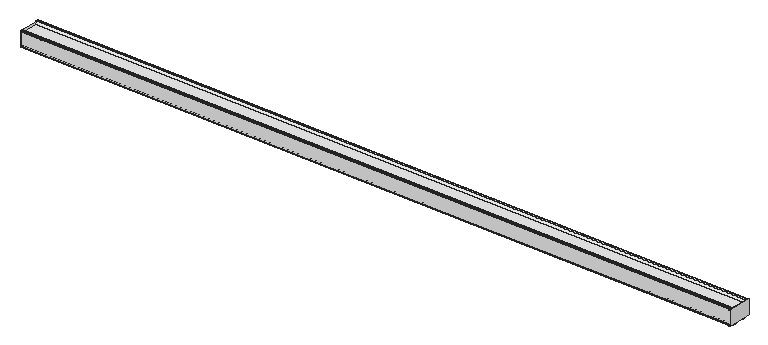
Revit family "LCOM", category Lighting Fixtures, host Face, Revit 2019
Family settings
  Host = Face
  Round Connector Dimension = Use Diameter
  Part Type = Normal
  OmniClass Number = 23.80.70.11.14.11
  OmniClass Title = Downlights
  Cut with Voids When Loaded = No
  Light Source = Yes
  Shared = No
  Room Calculation Point = No
Parameters (values of type "LCOM96-LED840K140LUNV")
  Width = 0' - 2 13/16"
  Wattage = 104 W
  built-in parameter 1150110 = 1 (stored number, unit not read)
  Voltage = 120 V
  URL = "https://www.viscor.com/en/products/lcom"
  built-in parameter 1114217 = 0.9 (stored number, unit not read)
  Tilt Angle = -90.00°
  built-in parameter 1150109 = 1 (stored number, unit not read)
  built-in parameter 1150134 = 12
  built-in parameter 1150113 = 1 (stored number, unit not read)
  Photometric Web File = "LCOM96-LED840K088LUNV.ies"
  Model = "LCOM"  # constant formula
  Manufacturer = "Visioneering By Viscor"  # constant formula
  built-in parameter 1150105 = 1133.8 (stored number, unit not read)
  Lumens = 14248 lm
  built-in parameter 1150115 = 1 (stored number, unit not read)
  built-in parameter 1150137 = (empty or 0)
  built-in parameter 1150139 = (empty or 0)
  Length = 7' - 6 1/4"
  Lamp Wattage = 104 VA
  built-in parameter 1150112 = 1 (stored number, unit not read)
  built-in parameter 1150114 = 1 (stored number, unit not read)
  Lamp = "LED"
  built-in parameter 1150132 = (empty or 0)
  built-in parameter 1150102 = (empty or 0)
  built-in parameter 1150107 = 4000 (stored number, unit not read)
  built-in parameter 1150138 = (empty or 0)
  built-in parameter 1150106 = 11.338 (stored number, unit not read)
  Housing Finish = Metal - Viscor - White
  Emit from Line Length = Length  # 7' - 6 1/4"
  built-in parameter 1150104 = 12.728 (stored number, unit not read)
  Dimming Lamp Color Temperature Shift = <None>
  Description = "Commercial-grade, LED strip luminaire"  # constant formula
  Default Elevation = 4' - 0"
  Color Filter = 16777215
  built-in parameter 1114218 = 1 (stored number, unit not read)
  built-in parameter 1150133 = 10 (stored number, unit not read)
  Assembly Code = ""
  Apparent Load = Lamp Wattage  # 104 VA
Types (8): name | Wattage | Photometric Web File | built-in parameter 1150105 | Lumens | Length | Lamp Wattage | built-in parameter 1150106 | Housing Finish | Emit from Line Length | built-in parameter 1150104 | Assembly Code | Apparent Load
  (no name) | 104 W | "LCOM96-LED840K088LUNV.ies" | 1133.8 (stored number, unit not read) | 14248 lm | 7' - 6 1/4" | 104 VA | 11.338 (stored number, unit not read) | Metal - Viscor - White | 7' - 6 1/4" | 12.728 (stored number, unit not read) | "" | 104 VA
  LCOM48-LED840K030LUNV | 21 W | "LCOM48-LED840K030LUNV-G001211.IES" | 247.33 (stored number, unit not read) | 3108 lm | 3' - 9 3/16" | 21 VA | 2.4733 (stored number, unit not read) | none | 3' - 9 3/16" | 13.75 (stored number, unit not read) | "" | 21 VA
  LCOM24-LED840K022LUNV | 17 W | "LCOM24-LED840K022LUNV-G001265.IES" | 182.63 (stored number, unit not read) | 2295 lm | 1' - 11 1/8" | 17 VA | 1.8263 (stored number, unit not read) | none | 1' - 11 1/8" | 12.542 (stored number, unit not read) | "D5020200" | 17 VA
  LCOM96-LED840K088LUNV | 75 W | "LCOM96-LED840K088LUNV.ies" | 710.23 (stored number, unit not read) | 8925 lm | 7' - 6 1/4" | 75 VA | 7.1023 (stored number, unit not read) | none | 7' - 6 1/4" | 11.055 (stored number, unit not read) | "" | 75 VA
  LCOM24-LED840K035LUNV | 26 W | "LCOM24-LED840K035LUNV-G001268.IES" | 285.52 (stored number, unit not read) | 3588 lm | 1' - 11 1/8" | 26 VA | 2.8552 (stored number, unit not read) | none | 1' - 11 1/8" | 12.821 (stored number, unit not read) | "" | 26 VA
  LCOM48-LED840K044LUNV | 34 W | "LCOM48-LED840K030LUNV-G001211.IES" | 354.44 (stored number, unit not read) | 4454 lm | 3' - 9 3/16" | 34 VA | 3.5444 (stored number, unit not read) | none | 3' - 9 3/16" | 12.17 (stored number, unit not read) | "" | 34 VA
  LCOM48-LED840K070LUNV | 52 W | "LCOM96-LED840K088LUNV.ies" | 566.91 (stored number, unit not read) | 7124 lm | 7' - 6 1/4" | 52 VA | 5.6691 (stored number, unit not read) | none | 7' - 6 1/4" | 12.728 (stored number, unit not read) | "" | 52 VA
  LCOM96-LED840K140LUNV | 104 W | "LCOM96-LED840K088LUNV.ies" | 1133.8 (stored number, unit not read) | 14248 lm | 7' - 6 1/4" | 104 VA | 11.338 (stored number, unit not read) | Metal - Viscor - White | 7' - 6 1/4" | 12.728 (stored number, unit not read) | "" | 104 VA
Reference planes (in)
  plane 1 "Center (Front/Back)": y = 0
  plane 2: z = 0
  plane 3 "Center (Left/Right)": x = 0
  plane 4: y = 1.40625
  plane 5: y = -1.40625
  plane 6 "Left": x = -45.125
  plane 7 "Right": x = 45.125
Forms (in)
  Extrusion 1, solid, material "Metal - Viscor - White" <- "Housing Finish"
    sketch origin (0, 0, 0.093) x (0, 1, 0) y (0, 0, 1)
      loop
        line (1.04223, 0) -> (1.33725, 0)
        arc (1.33725, 0) -> (1.38604, 0.02021) -> (1.40625, 0.069) r 0.069
        line (1.40625, 0.069) -> (1.40625, 1.806)
        arc (1.40625, 1.806) -> (1.38604, 1.85479) -> (1.33725, 1.875) r 0.069
        line (1.33725, 1.875) -> (1.15625, 1.875) -> (1.15625, 1.84375) -> (1.33725, 1.84375)
        arc (1.33725, 1.84375) -> (1.36394, 1.83269) -> (1.375, 1.806) r 0.03775
        line (1.375, 1.806) -> (1.375, 0.069)
        arc (1.375, 0.069) -> (1.36394, 0.04231) -> (1.33725, 0.03125) r 0.03775
        line (1.33725, 0.03125) -> (1.03079, 0.03125) -> (0.92079, -0.06175) -> (0.64171, -0.06175) -> (0.53171, 0.03125) -> (-0.53171, 0.03125) -> (-0.64171, -0.06175) -> (-0.92079, -0.06175) -> (-1.03079, 0.03125) -> (-1.33725, 0.03125)
        arc (-1.33725, 0.03125) -> (-1.36394, 0.04231) -> (-1.375, 0.069) r 0.03775
        line (-1.375, 0.069) -> (-1.375, 1.806)
        arc (-1.375, 1.806) -> (-1.36394, 1.83269) -> (-1.33725, 1.84375) r 0.03775
        line (-1.33725, 1.84375) -> (-1.15625, 1.84375) -> (-1.15625, 1.875) -> (-1.33725, 1.875)
        arc (-1.33725, 1.875) -> (-1.38604, 1.85479) -> (-1.40625, 1.806) r 0.069
        line (-1.40625, 1.806) -> (-1.40625, 0.069)
        arc (-1.40625, 0.069) -> (-1.38604, 0.02021) -> (-1.33725, 0) r 0.069
        line (-1.33725, 0) -> (-1.04223, 0) -> (-0.93223, -0.093) -> (-0.63027, -0.093) -> (-0.52027, 0) -> (0.52027, 0) -> (0.63027, -0.093) -> (0.93223, -0.093) -> (1.04223, 0)
    from -45.125 to 45.125
  Extrusion 2, solid, material "Metal - Viscor - White" <- "Housing Finish"
    sketch origin (45.125, 0, 0) x (0, 1, 0) y (0, 0, 1)
      loop
        line (1.375, 1.968) -> (-1.375, 1.968) -> (-1.375, 0.123) -> (1.375, 0.123) -> (1.375, 1.968)
    from 0 to 0.03125
  Extrusion 3, solid, material "Metal - Viscor - White" <- "Housing Finish"
    sketch origin (-45.125, 0.00944, 0.19199) x (0, 1, 0) y (0, 0, 1)
      loop
        line (1.375, 1.74476) -> (-1.375, 1.74476) -> (-1.375, -0.06899) -> (1.375, -0.06899) -> (1.375, 1.74476)
    from 0 to 0.03125
  Extrusion 4, solid, material "Metal - Viscor - White" <- "Housing Finish"
    sketch origin (0, 0, 0) x (0, 1, 0) y (0, 0, 1)
      loop
        line (1.3665, 1.96967) -> (1.3665, 2.00092) -> (1.06741, 2.00092) -> (0.86043, 1.75425) -> (-0.86043, 1.75425) -> (-1.06741, 2.00092) -> (-1.3665, 2.00092) -> (-1.3665, 1.96967) -> (-1.08198, 1.96967) -> (-0.875, 1.723) -> (0.875, 1.723) -> (1.08198, 1.96967) -> (1.3665, 1.96967)
    from -45.125 to 45.125
Dimensions and locks (in)
  equal spacing: plane 6 "Left", plane 3 "Center (Left/Right)", plane 7 "Right"
  "Length": plane 6 "Left" to plane 7 "Right"
  equal spacing: plane 4, plane 1 "Center (Front/Back)", plane 5
  "Width": plane 4 to plane 5
  locked: plane 4 to Extrusion 1 sketch curve at 0.069  (x3)
  locked: Extrusion 1 sketch curve to plane 5 at 0.069  (x4)
  plane 4 to Extrusion 1 sketch curve = 0' - 0.069"
  aligned and locked: plane 2 to host face
  aligned and locked: level to host face
  aligned and locked: plane 4 to Extrusion 1
  aligned and locked: Extrusion 1 to plane 6 "Left"
  aligned and locked: plane 7 "Right" to Extrusion 1
  aligned and locked: plane 4 to Extrusion 1 sketch curve
  aligned and locked: Extrusion 1 sketch curve to plane 5
  aligned and locked: Extrusion 3 to Extrusion 2
  aligned and locked: Extrusion 3 to Extrusion 1
  aligned and locked: Extrusion 4 to plane 6 "Left"
  aligned and locked: plane 7 "Right" to Extrusion 4
Automatic sketch dimensions
  host sketch curve to host sketch curve = 8' - 0"  (x2)
  Extrusion 1 sketch curve to Extrusion 1 sketch curve = 0' - 0"  (x9)
  Extrusion 1 sketch curve to level = 0' - 0"  (x2)
  plane 5 to Extrusion 1 sketch curve = 0' - 0 1/32"
  Extrusion 1 sketch curve to Extrusion 1 sketch curve = 0' - 0.03775"
  Extrusion 1 sketch curve to Extrusion 1 sketch curve = 0' - 0.181"  (x2)
  level to Extrusion 1 sketch curve = 0' - 0.093"  (x3)
  Extrusion 1 sketch curve to Extrusion 1 sketch curve = 0' - 0.29502"
  Extrusion 1 sketch curve to Extrusion 1 sketch curve = 0' - 0.01144"  (x8)
  Extrusion 1 sketch curve to Extrusion 1 sketch curve = 0' - 0.11"  (x4)
  level to Extrusion 1 sketch curve = 0' - 0 1/32"  (x2)
  Extrusion 1 sketch curve to Extrusion 1 sketch curve = 0' - 0.27908"  (x2)
  Extrusion 1 sketch curve to plane 1 "Center (Front/Back)" = 0' - 0.52027"
  Extrusion 1 sketch curve to Extrusion 1 sketch curve = 0' - 0 1/32"  (x4)
  Extrusion 1 sketch curve to Extrusion 1 sketch curve = 0' - 1.737"  (x2)
  plane 5 to Extrusion 2 sketch curve = 0' - 0 1/32"
  Extrusion 2 sketch curve to plane 4 = 0' - 0 1/32"
  level to Extrusion 2 sketch curve = 0' - 0.123"
  Extrusion 2 sketch curve to Extrusion 2 sketch curve = 0' - 1.845"
  plane 5 to Extrusion 3 sketch curve = 0' - 0.04069"
  Extrusion 3 sketch curve to plane 4 = 0' - 0.02181"
  level to Extrusion 3 sketch curve = 0' - 0.123"
  Extrusion 3 sketch curve to Extrusion 3 sketch curve = 0' - 1.81375"
  Extrusion 4 sketch curve to Extrusion 4 sketch curve = 0' - 0.01457"  (x4)
  Extrusion 4 sketch curve to plane 4 = 0' - 0.03975"
  Extrusion 4 sketch curve to Extrusion 4 sketch curve = 0' - 0 1/32"  (x3)
  plane 5 to Extrusion 4 sketch curve = 0' - 0.03975"
  Extrusion 4 sketch curve to Extrusion 4 sketch curve = 0' - 0.28452"
  Extrusion 4 sketch curve to Extrusion 4 sketch curve = 0' - 0.20698"
  Extrusion 4 sketch curve to plane 4 = 0' - 0.54582"
  Extrusion 4 sketch curve to Extrusion 4 sketch curve = 0' - 0.29909"
  level to Extrusion 4 sketch curve = 0' - 1.723"
  Extrusion 4 sketch curve to Extrusion 4 sketch curve = 0' - 0.24667"
  Extrusion 4 sketch curve to Extrusion 4 sketch curve = 0' - 0.21542"
Connectors (in)
  electrical at (0, 0, 0.093), driven by "Voltage", driven by "Apparent Load"
    settings: on Extrusion 1, index 1, voltage 120 V, apparent load 0 VA, apparent load phase1 104 VA, apparent load phase2 0 VA, apparent load phase3 0 VA, power factor 1, load classification "Other", number of poles 1, system type 31, power factor state 1, is connector primary yes, connector utility no, sub classification motor no, connector description ""
